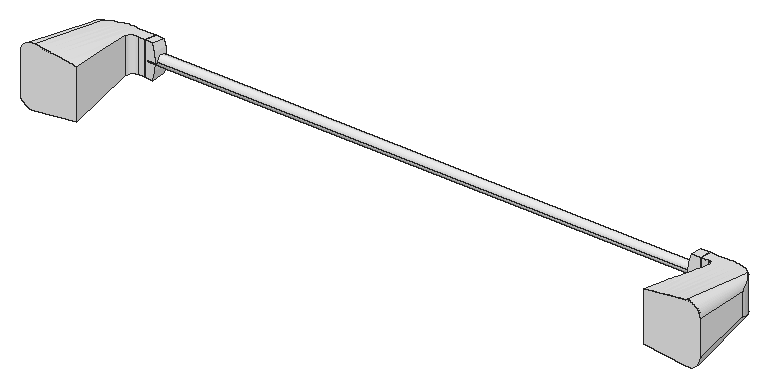
Revit family "CA6005551_Toallero Barra", category Furniture, host Wall, Revit 2019
Family settings
  Host = Wall
  OmniClass Number = 23.31.25.25
  OmniClass Title = Towel Bars
  Always vertical = Yes
  Cut with Voids When Loaded = No
  Shared = No
  Room Calculation Point = No
Parameters (values of type "Type 1")
  URL = "https://corona.co/productos/accesorios/kit-por-6-accesorios-cascade/p/CA6065551"
  Temperatura de uso = "4˚C a 40˚C."  # constant formula
  Referencia = "CA6005551"  # constant formula
  Profundidad = 71 mm  # constant formula
  Peso neto = "470 g. - 1,04 lb."  # constant formula
  Peso Neto aprox = " 9 Kg"  # constant formula
  Material = Corona_Cromado
  Manufacturer = "Corona"  # constant formula
  Garantía Acabados = "5 Años"  # constant formula
  Garantía = "30 Años"  # constant formula
  Fecha de creación = "10/08/2020"  # constant formula
  Dimensiónes generales producto empacado Kit x6 = "(H x L x W): 441 x 160 x 79 mm."  # constant formula
  Description = "La línea de griferías y accesorios plásticos Cascade se inspira en la fluidez natural\r\ndel agua y en las formas creadas a su paso en caídas y cascadas, los gestos de\r\ndiseño y formas de Cascade invitan al usuario al uso, sus líneas fluidas crean un\r\nsolo viaje alrededor del producto generando formas limpias."  # constant formula
  Creado por = "IDD"  # constant formula
  Ancho = 533 mm  # constant formula
  Altura = 900 mm
  Alto = 47 mm  # constant formula
Reference planes
  plane 1 "Wall": y = 0
  plane 2 "Center (Left/Right)": x = 125
  plane 3 "Back": y = 75
  plane 4: z = 900
  plane 5: x = 391.5
  plane 6: x = -141.5
  plane 7: z = 923.5
  plane 8: z = 876.5
  plane 9: y = 146
Text (mm)
  text "Placement Side" at (-1848.837, 1116.779, 0), in view "Ref. Level"
  text "Placement side" at (0, 1409.804, 2854.306), in view "Left"
  text "Placement side" at (0, 499.811, 2980.732), in view "Right"
Dimensions and locks
  locked: plane 3 "Back" to host wall
  equal spacing: plane 8, plane 4, plane 7
  "Alto": plane 8 to plane 7
  equal spacing: plane 6, plane 2 "Center (Left/Right)", plane 5
  "Ancho": plane 6 to plane 5
  "Profundidad": plane 9 to host wall
  plane 4 to plane 8 = 23.5 mm
  "Altura": plane 4 to level
  aligned and locked: plane 1 "Wall" to host wall
  aligned and locked: nested 1 to plane 7
  aligned and locked: host wall to nested 2
  aligned and locked: nested 3 to plane 5
  aligned and locked: nested 3 to host wall
  aligned and locked: nested 2 to plane 5
  aligned and locked: nested 4 to plane 7
  aligned and locked: plane 6 to nested 4
  aligned and locked: nested 2 to plane 7
Nested families
  nested 1: "Lateral" at (125, 75, 876.5) x (0, -1, 0) z (1, 0, 0), type "Lateral"
  nested 2: "Tipico" at (391.5, 110.5, 876.5) x (-1, 0, 0) z (0, 0, 1), type "Tipico"
  nested 3: "Planta" at (391.5, 75, 0) x (-1, 0, 0) z (0, 0, 1), type "Planta"
  nested 4: "Frontal" at (391.5, 0, 876.5) x (-1, 0, 0) z (0, -1, 0), type "Frontal"
Definition of nested family "Tipico"
  Parameters (values of type "Tipico")
    Profundidad = 71 mm
    Material = none
    Ancho = 533 mm
    Alto = 47 mm
  Reference planes
    plane 1 "Center (Front/Back)": y = 0
    plane 2: z = 0
    plane 3 "Center (Left/Right)": x = 0
    plane 4: x = 533
    plane 5: y = 35.5
    plane 6: y = -35.5
    plane 7: z = 47
    plane 8: x = 49.293
    plane 9: x = 483.707
  Forms (mm)
    Blend 1, solid, material <- "Material", detail levels medium+fine
      base sketch origin (-84.781, 35.5, 1200) x (-1, 0, 0) y (0, 0, 1)
        loop
          line (-129.409, -1157.177) -> (-129.409, -1195.823) -> (-96, -1199.925)
          arc (-96, -1199.925) -> (-88.155, -1197.49) -> (-84.781, -1190) r 10
          line (-84.781, -1190) -> (-84.781, -1163)
          arc (-84.781, -1163) -> (-88.155, -1155.51) -> (-96, -1153.075) r 10
          line (-96, -1153.075) -> (-129.409, -1157.177)
      top sketch origin (-84.781, 35.5, 1200) x (-1, 0, 0) y (0, 0, 1)
        loop
          line (-134.074, -1164.5) -> (-134.074, -1188.5) -> (-99.095, -1188.5)
          arc (-99.095, -1188.5) -> (-95.56, -1187.036) -> (-94.095, -1183.5) r 5
          line (-94.095, -1183.5) -> (-94.095, -1169.5)
          arc (-94.095, -1169.5) -> (-95.56, -1165.964) -> (-99.095, -1164.5) r 5
          line (-99.095, -1164.5) -> (-134.074, -1164.5)
      from 0 to -71
    Extrusion 2, void
      sketch origin (0, 0, 0) x (1, 0, 0) y (0, 1, 0)
        loop
          line (9.314, -35.5) -> (31.249, -35.5)
          arc (31.249, -35.5) -> (14.761, -29.292) -> (6.461, -13.752) r 25
          line (6.461, -13.752) -> (9.314, -35.5)
      from 0 to 56.335
    Extrusion 3, void
      sketch origin (0, 0, 0) x (1, 0, 0) y (0, 1, 0)
        loop
          line (49.293, -25.5) -> (44.629, 35.5) -> (37.966, -19.903)
          arc (37.966, -19.903) -> (39.19, -23.818) -> (42.93, -25.5) r 5
          line (42.93, -25.5) -> (49.293, -25.5)
      from 0 to 56.335
    Extrusion 4, solid, material <- "Material", detail levels medium+fine
      sketch origin (44.629, 35.5, 23.5) x (0, 0, 1) y (0.065556, -0.997849, 0)
        loop
          line (-12, 71.153) -> (-13.031, 61.132) -> (13.031, 61.132) -> (12, 71.153) -> (-12, 71.153)
      from 0 to 10
    Extrusion 5, void
      sketch origin (0, 0, 0) x (1, 0, 0) y (0, 0, 1)
        loop
          line (54.481, 7.412) -> (64.481, 7.412) -> (64.481, 38.939) -> (54.481, 38.939)
          arc (54.481, 38.939) -> (58.001, 23.176) -> (54.481, 7.412) r 37.059
      from 0 to 40.794
    Blend 6, solid, material <- "Material", detail levels medium+fine
      base sketch origin (617.781, 35.5, 1200) x (1, 0, 0) y (0, 0, -1)
        loop
          line (-129.409, 1157.177) -> (-96, 1153.075)
          arc (-96, 1153.075) -> (-88.155, 1155.51) -> (-84.781, 1163) r 10
          line (-84.781, 1163) -> (-84.781, 1190)
          arc (-84.781, 1190) -> (-88.155, 1197.49) -> (-96, 1199.925) r 10
          line (-96, 1199.925) -> (-129.409, 1195.823) -> (-129.409, 1157.177)
      top sketch origin (617.781, 35.5, 1200) x (1, 0, 0) y (0, 0, -1)
        loop
          line (-134.074, 1164.5) -> (-99.095, 1164.5)
          arc (-99.095, 1164.5) -> (-95.56, 1165.964) -> (-94.095, 1169.5) r 5
          line (-94.095, 1169.5) -> (-94.095, 1183.5)
          arc (-94.095, 1183.5) -> (-95.56, 1187.036) -> (-99.095, 1188.5) r 5
          line (-99.095, 1188.5) -> (-134.074, 1188.5) -> (-134.074, 1164.5)
      from 0 to -71
    Extrusion 7, void
      sketch origin (533, 0, 0) x (-1, 0, 0) y (0, -1, 0)
        loop
          line (9.314, 35.5) -> (6.461, 13.752)
          arc (6.461, 13.752) -> (14.761, 29.292) -> (31.249, 35.5) r 25
          line (31.249, 35.5) -> (9.314, 35.5)
      from 0 to 56.335
    Extrusion 8, void
      sketch origin (533, 0, 0) x (-1, 0, 0) y (0, -1, 0)
        loop
          line (49.293, 25.5) -> (42.93, 25.5)
          arc (42.93, 25.5) -> (39.19, 23.818) -> (37.966, 19.903) r 5
          line (37.966, 19.903) -> (44.629, -35.5) -> (49.293, 25.5)
      from 0 to 56.335
    Extrusion 9, solid, material <- "Material", detail levels medium+fine
      sketch origin (488.371, 35.5, 23.5) x (0, 0, -1) y (-0.065556, -0.997849, 0)
        loop
          line (12, 71.153) -> (-12, 71.153) -> (-13.031, 61.132) -> (13.031, 61.132) -> (12, 71.153)
      from 0 to 10
    Extrusion 10, void
      sketch origin (533, 0, 0) x (-1, 0, 0) y (0, 0, -1)
        loop
          arc (54.481, -7.412) -> (58.001, -23.176) -> (54.481, -38.939) r 37.059
          line (54.481, -38.939) -> (64.481, -38.939) -> (64.481, -7.412) -> (54.481, -7.412)
      from 0 to 40.794
    Extrusion 11, solid, material <- "Material", detail levels medium+fine
      sketch origin (0, 0, 0) x (0, 1, 0) y (0, 0, 1)
        loop
          circle (-30.025, 23.5) r 4
      from 49.293 to 483.707
    Extrusion 12, solid, material <- "Material", detail levels coarse
      sketch origin (0, 0, 0) x (1, 0, 0) y (0, 0, 1)
        loop
          line (533, 0) -> (533, 47) -> (0, 47) -> (0, 0) -> (533, 0)
      from -35.5 to 35.5
  Cuts and joins
    Extrusion 2, Extrusion 3, Extrusion 7, Extrusion 8 cuts Blend 1
    Extrusion 5, Extrusion 10 cuts Extrusion 4
    Extrusion 7, Extrusion 8 cuts Blend 6
    Extrusion 10 cuts Extrusion 9
  Dimensions and locks
    equal spacing: plane 5, plane 1 "Center (Front/Back)", plane 6
    "Profundidad": plane 5 to plane 6
    "Ancho": plane 3 "Center (Left/Right)" to plane 4
    "Alto": plane 7 to level
    aligned and locked: level to plane 2
    aligned and locked: plane 5 to Blend 1
    aligned and locked: Blend 1 to plane 6
    aligned and locked: level to Extrusion 12 sketch curve
    aligned and locked: plane 4 to Extrusion 12 sketch curve
    aligned and locked: Extrusion 12 sketch curve to plane 7
    aligned and locked: plane 3 "Center (Left/Right)" to Extrusion 12 sketch curve
    aligned and locked: Extrusion 12 to plane 5
    aligned and locked: Extrusion 12 to plane 6
  Automatic sketch dimensions
    Blend 1 sketch curve to plane 3 "Center (Left/Right)" = 0 mm
    Blend 1 sketch curve to Blend 1 sketch curve = 10 mm  (x2)
    level to Blend 1 sketch curve = 0.075 mm
    Blend 1 sketch curve to Blend 1 sketch curve = 1.219 mm  (x2)
    Blend 1 sketch curve to plane 7 = 0.075 mm
    Blend 1 sketch curve to plane 8 = 4.665 mm
    level to Blend 1 sketch curve = 4.177 mm
    Blend 1 sketch curve to plane 7 = 4.177 mm
    Blend 1 sketch curve to plane 8 = 0 mm
    plane 3 "Center (Left/Right)" to Blend 1 sketch curve = 14.314 mm
    Blend 1 sketch curve to Blend 1 sketch curve = 0 mm
    Blend 1 sketch curve to Blend 1 sketch curve = 5 mm
    level to Blend 1 sketch curve = 11.5 mm
    Blend 1 sketch curve to Blend 1 sketch curve = 14 mm
    Extrusion 2 sketch curve to plane 6 = 0 mm
    plane 3 "Center (Left/Right)" to Extrusion 2 sketch curve = 6.461 mm
    plane 3 "Center (Left/Right)" to Extrusion 2 sketch curve = 9.314 mm
    plane 1 "Center (Front/Back)" to Extrusion 2 sketch curve = 10.5 mm
    Extrusion 2 sketch curve to Extrusion 2 sketch curve = 24.788 mm
    Extrusion 3 sketch curve to plane 5 = 0 mm
    Extrusion 3 sketch curve to plane 8 = 0 mm
    Extrusion 3 sketch curve to plane 8 = 4.665 mm
    Extrusion 3 sketch curve to plane 8 = 6.363 mm
    Extrusion 3 sketch curve to Extrusion 3 sketch curve = 4.964 mm
    plane 6 to Extrusion 3 sketch curve = 15.597 mm
    Extrusion 3 sketch curve to Extrusion 3 sketch curve = 0.597 mm
    Extrusion 4 sketch curve to Blend 1 = 0 mm  (x3)
    Blend 1 to Extrusion 4 sketch curve = 0 mm  (x2)
    Blend 1 to Extrusion 4 sketch curve = 10.022 mm
    plane 3 "Center (Left/Right)" to Extrusion 5 sketch curve = 20.942 mm
    plane 8 to Extrusion 5 sketch curve = 5.188 mm  (x2)
    Extrusion 5 sketch curve to Extrusion 5 sketch curve = 10 mm
    level to Extrusion 5 sketch curve = 7.412 mm
    level to Extrusion 5 sketch curve = 23.176 mm
    plane 4 to Blend 6 sketch curve = 0 mm
    Blend 6 sketch curve to Blend 6 sketch curve = 10 mm  (x2)
    level to Blend 6 sketch curve = 0.075 mm
    Blend 6 sketch curve to Blend 6 sketch curve = 1.219 mm  (x2)
    Blend 6 sketch curve to plane 7 = 0.075 mm
    Blend 6 sketch curve to plane 9 = 4.665 mm
    Blend 6 sketch curve to plane 7 = 4.177 mm
    level to Blend 6 sketch curve = 4.177 mm
    plane 9 to Blend 6 sketch curve = 0 mm
    plane 4 to Blend 6 sketch curve = 14.314 mm
    Blend 6 sketch curve to Blend 6 sketch curve = 0 mm
    Blend 6 sketch curve to Blend 6 sketch curve = 5 mm
    Blend 6 sketch curve to plane 7 = 11.5 mm
    Blend 6 sketch curve to Blend 6 sketch curve = 14 mm
    plane 6 to Extrusion 7 sketch curve = 0 mm
    Extrusion 7 sketch curve to plane 4 = 6.461 mm
    Extrusion 7 sketch curve to plane 4 = 9.314 mm
    Extrusion 7 sketch curve to plane 1 "Center (Front/Back)" = 10.5 mm
    Extrusion 7 sketch curve to Extrusion 7 sketch curve = 24.788 mm
    plane 5 to Extrusion 8 sketch curve = 0 mm
    Extrusion 8 sketch curve to plane 9 = 0 mm
    plane 9 to Extrusion 8 sketch curve = 4.665 mm
    plane 9 to Extrusion 8 sketch curve = 6.363 mm
    Extrusion 8 sketch curve to Extrusion 8 sketch curve = 4.964 mm
    Extrusion 8 sketch curve to plane 6 = 15.597 mm
    Extrusion 8 sketch curve to Extrusion 8 sketch curve = 0.597 mm
    Blend 6 to Extrusion 9 sketch curve = 0 mm
    Extrusion 9 sketch curve to Blend 6 = 0 mm  (x4)
    Blend 6 to Extrusion 9 sketch curve = 10.022 mm
    Extrusion 10 sketch curve to plane 4 = 20.942 mm
    Extrusion 10 sketch curve to plane 9 = 5.188 mm  (x2)
    Extrusion 10 sketch curve to Extrusion 10 sketch curve = 10 mm
    Extrusion 10 sketch curve to level = 7.412 mm
    Extrusion 10 sketch curve to level = 23.176 mm
    level to Extrusion 11 sketch curve = 23.5 mm
    plane 6 to Extrusion 11 sketch curve = 5.475 mm
    radius of Extrusion 11 sketch curve = 4 mm
Definition of nested family "Lateral"
  Reference planes
    plane 1 "Center (Front/Back)": y = 0
    plane 2: z = 0
    plane 3 "Center (Left/Right)": x = 0
    plane 4: y = 47
    plane 5: x = -71
  Lines and regions (mm)
    detail lines, in view "Ref. Level"
      curve 1: line (0, 47, 0) -> (-65.567, 35.439, 0)
      curve 2: line (0, 47, 0) -> (0, 0, 0)
      curve 3: line (0, 0, 0) -> (-64.38, 11.352, 0)
      curve 4: line (-71, 12.519, 0) -> (-71, 34.481, 0)
      curve 5: line (-65.567, 35.439, 0) -> (-71, 34.481, 0)
      curve 6: line (-64.38, 11.352, 0) -> (-71, 12.519, 0)
      curve 7: line (-67.841, 13.109, 0) -> (0, 8.365, 0)
      curve 8: line (-67.841, 33.891, 0) -> (0, 38.635, 0)
Definition of nested family "Planta"
  Reference planes
    plane 1 "Center (Front/Back)": y = 0
    plane 2: z = 0
    plane 3 "Center (Left/Right)": x = 0
    plane 4: x = 533
    plane 5: y = 71
  Lines and regions (mm)
    detail lines, in view "Ref. Level"
      curve 1: line (29.301, 71, 0) -> (59.279, 71, 0)
      curve 2: line (47.388, 61, 0) -> (59.279, 61, 0)
      curve 3: line (48.087, 71, 0) -> (48.087, 61, 0)
      curve 4: line (0, 0, 0) -> (9.605, 54.473, 0)
      curve 5: line (0, 0, 0) -> (51.709, 0, 0)
      curve 6: line (51.709, 0, 0) -> (40.541, 52.545, 0)
      curve 7: arc (9.605, 54.473, 0) -> (16.445, 66.321, 0) -> (29.301, 71, 0) r 20
      curve 8: line (59.279, 61, 0) -> (59.279, 71, 0)
      curve 9: arc (40.541, 52.545, 0) -> (41.948, 58.405, 0) -> (47.388, 61, 0) r 7
      curve 10: line (503.699, 71, 0) -> (473.721, 71, 0)
      curve 11: line (485.612, 61, 0) -> (473.721, 61, 0)
      curve 12: line (484.913, 71, 0) -> (484.913, 61, 0)
      curve 13: line (533, 0, 0) -> (523.395, 54.473, 0)
      curve 14: line (533, 0, 0) -> (481.291, 0, 0)
      curve 15: line (481.291, 0, 0) -> (492.459, 52.545, 0)
      curve 16: arc (523.395, 54.473, 0) -> (516.555, 66.321, 0) -> (503.699, 71, 0) r 20
      curve 17: line (473.721, 61, 0) -> (473.721, 71, 0)
      curve 18: arc (492.459, 52.545, 0) -> (491.052, 58.405, 0) -> (485.612, 61, 0) r 7
      curve 19: line (473.721, 70, 0) -> (59.279, 70, 0)
      curve 20: line (473.721, 62, 0) -> (59.279, 62, 0)
Definition of nested family "Frontal"
  Reference planes
    plane 1 "Center (Front/Back)": y = 0
    plane 2: z = 0
    plane 3 "Center (Left/Right)": x = 0
    plane 4: x = 533
    plane 5: y = 47
  Lines and regions (mm)
    detail lines, in view "Ref. Level"
      curve 1: line (32.985, 2.624, 0) -> (10.92, 0.586, 0)
      curve 2: line (0, 36.457, 0) -> (0, 10.543, 0)
      curve 3: arc (10.92, 0.586, 0) -> (3.262, 3.154, 0) -> (0, 10.543, 0) r 10
      curve 4: arc (43.647, 12.212, 0) -> (39.906, 5.65, 0) -> (32.985, 2.624, 0) r 12
      curve 5: line (32.985, 44.376, 0) -> (10.92, 46.414, 0)
      curve 6: arc (10.92, 46.414, 0) -> (3.262, 43.846, 0) -> (0, 36.457, 0) r 10
      curve 7: arc (43.647, 34.788, 0) -> (39.906, 41.35, 0) -> (32.985, 44.376, 0) r 12
      curve 8: line (33.538, 34.788, 0) -> (55.087, 34.788, 0)
      curve 9: line (33.538, 12.212, 0) -> (55.087, 12.212, 0)
      curve 10: line (48.087, 34.788, 0) -> (48.087, 12.212, 0)
      curve 11: line (500.015, 2.624, 0) -> (522.08, 0.586, 0)
      curve 12: line (533, 36.457, 0) -> (533, 10.543, 0)
      curve 13: arc (522.08, 0.586, 0) -> (529.738, 3.154, 0) -> (533, 10.543, 0) r 10
      curve 14: arc (489.353, 12.212, 0) -> (493.094, 5.65, 0) -> (500.015, 2.624, 0) r 12
      curve 15: line (500.015, 44.376, 0) -> (522.08, 46.414, 0)
      curve 16: arc (522.08, 46.414, 0) -> (529.738, 43.846, 0) -> (533, 36.457, 0) r 10
      curve 17: arc (489.353, 34.788, 0) -> (493.094, 41.35, 0) -> (500.015, 44.376, 0) r 12
      curve 18: line (484.913, 34.788, 0) -> (484.913, 12.212, 0)
      curve 19: line (58.087, 31.788, 0) -> (58.087, 15.212, 0)
      curve 20: line (474.913, 31.788, 0) -> (474.913, 15.212, 0)
      curve 21: line (477.913, 34.788, 0) -> (503.538, 34.788, 0)
      curve 22: line (477.913, 12.212, 0) -> (503.538, 12.212, 0)
      curve 23: arc (58.087, 31.788, 0) -> (57.208, 33.909, 0) -> (55.087, 34.788, 0) r 3
      curve 24: arc (55.087, 12.212, 0) -> (57.208, 13.091, 0) -> (58.087, 15.212, 0) r 3
      curve 25: arc (477.913, 34.788, 0) -> (475.792, 33.909, 0) -> (474.913, 31.788, 0) r 3
      curve 26: arc (474.913, 15.212, 0) -> (475.792, 13.091, 0) -> (477.913, 12.212, 0) r 3
      curve 27: line (58.087, 28.5, 0) -> (474.913, 28.5, 0)
      curve 28: line (58.087, 18.5, 0) -> (474.913, 18.5, 0)
